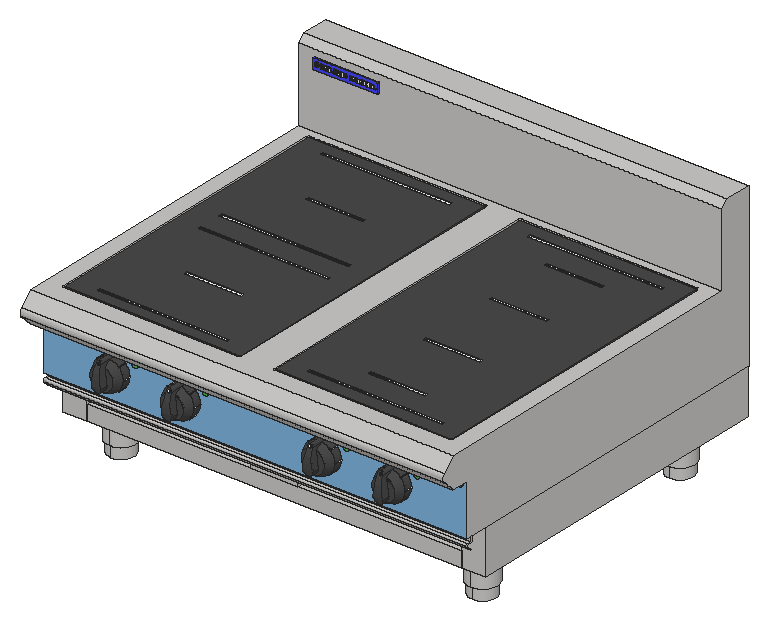
Revit family "QF_Moffat_IN514R3F-B_Induction_Cooktop_cat", category Specialty Equipment, Revit 2019
Family settings
  Round Connector Dimension = Use Diameter
  Part Type = Normal
  Work Plane-Based = No
  Always vertical = Yes
  Cut with Voids When Loaded = No
  Shared = No
  Room Calculation Point = No
Parameters (values of type "IN514R3F-B")
  Weight in Kilograms = 105
  Watts = 9600 W
  Volts = 400 V
  URL Cutsheet = ""
  Specification by User = ""
  Specification by Manufacturer = ""
  Show Logo [instance] = yes
  Serial Number = ""
  Seismic Rating = ""
  SMACNA No = ""
  Revision Code = ""
  Phase = 3
  Number of Poles = 1
  NAFEM Spec ID Number = ""
  Model = "IN514R3F-B"
  Min Ckt Ampacity = 0 A
  Max Overcurrent Protection = 0 A
  Masterspec = ""
  Manufacturer = "Moffat"
  Length = 900 mm
  Item Number = ""
  Installed By = ""
  Identify Quantity as Lot = yes
  Height = 525 mm
  HP = ""
  Furnished By = ""
  Foodservice Equipment Identifier = yes
  FL Amps = 24 A
  Electrical Remarks = ""
  Electric Connection Type = ""
  Elec Conn RI Height = 0 mm
  Elec Conn Connection Height = 0 mm
  Description = "Induction Cooktop"
  Depth = 812.2 mm
  Cycle = 50 Hz
  Conn Plug = ""
  Conn Conduit = yes
  CSI MasterFormat = ""
  Apparent Power = if(Phase = 3, Volts * FL Amps * 1.73, Volts * FL Amps)  # 16608 VA
Reference planes
  plane 1 "BACK": y = 0
  plane 2: z = 0
  plane 3 "LEFT": x = 0
  plane 4 "RIGHT": x = 900
  plane 5 "FRONT": y = -812.2
  plane 6 "TOP": z = 525
  plane 7 "Center Y": x = 450
  plane 8 "Center X": y = -406.1
  plane 9: x = 65.5
  plane 10: x = 834.5
  plane 11: y = -30
  plane 12: x = 770
  plane 13: z = 180
  plane 14: y = -100
  plane 15: y = -625
  plane 16: z = 85
Forms (mm)
  Extrusion 1, solid, material "QF_Metal_Stainless_Polished"
    sketch origin (0, 0, 0) x (0, 1, 0) y (0, 0, 1)
      loop
        line (0, 180) -> (0, 525) -> (-57, 525) -> (-70, 512) -> (-70, 354.5) -> (-784.171, 354.5) -> (-808.685, 329.985)
        arc (-808.685, 329.985) -> (-812.2, 321.5) -> (-808.685, 313.015) r 12
        line (-808.685, 313.015) -> (-785.171, 289.5) -> (-749, 289.5) -> (-749, 180) -> (0, 180)
    from 0 to 900
  Extrusion 2, void
    sketch origin (0, -784.171, 354.5) x (0, 1, 0) y (-1, 0, 0)
      loop
        arc (44.671, -33.5) -> (40.428, -35.257) -> (38.671, -39.5) r 6
        line (38.671, -39.5) -> (38.671, -410.5)
        arc (38.671, -410.5) -> (40.428, -414.743) -> (44.671, -416.5) r 6
        line (44.671, -416.5) -> (690.671, -416.5)
        arc (690.671, -416.5) -> (694.913, -414.743) -> (696.671, -410.5) r 6
        line (696.671, -410.5) -> (696.671, -39.5)
        arc (696.671, -39.5) -> (694.913, -35.257) -> (690.671, -33.5) r 6
        line (690.671, -33.5) -> (44.671, -33.5)
      loop
        arc (44.671, -483.5) -> (40.428, -485.257) -> (38.671, -489.5) r 6
        line (38.671, -489.5) -> (38.671, -860.5)
        arc (38.671, -860.5) -> (40.428, -864.743) -> (44.671, -866.5) r 6
        line (44.671, -866.5) -> (690.671, -866.5)
        arc (690.671, -866.5) -> (694.913, -864.743) -> (696.671, -860.5) r 6
        line (696.671, -860.5) -> (696.671, -489.5)
        arc (696.671, -489.5) -> (694.913, -485.257) -> (690.671, -483.5) r 6
        line (690.671, -483.5) -> (44.671, -483.5)
    from 0 to -9.5
  Extrusion 3, solid, material "QF_Plastic_White_Smooth"
    sketch origin (0, -784.171, 345) x (0, 1, 0) y (-1, 0, 0)
      loop
        line (660.921, -362.5) -> (666.921, -362.5) -> (666.921, -87.5) -> (660.921, -87.5) -> (660.921, -362.5)
      loop
        line (526.421, -285) -> (532.421, -285) -> (532.421, -165) -> (526.421, -165) -> (526.421, -285)
      loop
        line (391.921, -362.5) -> (397.921, -362.5) -> (397.921, -87.5) -> (391.921, -87.5) -> (391.921, -362.5)
      loop
        line (343.421, -87.5) -> (337.421, -87.5) -> (337.421, -362.5) -> (343.421, -362.5) -> (343.421, -87.5)
      loop
        line (208.921, -165) -> (202.921, -165) -> (202.921, -285) -> (208.921, -285) -> (208.921, -165)
      loop
        line (68.421, -362.5) -> (74.421, -362.5) -> (74.421, -87.5) -> (68.421, -87.5) -> (68.421, -362.5)
      loop
        line (657.071, -817.5) -> (663.071, -817.5) -> (663.071, -532.5) -> (657.071, -532.5) -> (657.071, -817.5)
      loop
        line (605.471, -615) -> (599.471, -615) -> (599.471, -735) -> (605.471, -735) -> (605.471, -615)
      loop
        line (458.971, -615) -> (452.971, -615) -> (452.971, -735) -> (458.971, -735) -> (458.971, -615)
      loop
        line (275.971, -735) -> (281.971, -735) -> (281.971, -615) -> (275.971, -615) -> (275.971, -735)
      loop
        line (129.471, -735) -> (135.471, -735) -> (135.471, -615) -> (129.471, -615) -> (129.471, -735)
      loop
        line (71.871, -817.5) -> (77.871, -817.5) -> (77.871, -532.5) -> (71.871, -532.5) -> (71.871, -817.5)
    from 0 to 9.5
  Extrusion 4, solid, material "QF_Plastic_Black_Smooth"
    sketch origin (0, -784.171, 354.5) x (0, 1, 0) y (-1, 0, 0)
      loop
        line (690.671, -37.5) -> (44.671, -37.5)
        arc (44.671, -37.5) -> (43.256, -38.086) -> (42.671, -39.5) r 2
        line (42.671, -39.5) -> (42.671, -410.5)
        arc (42.671, -410.5) -> (43.256, -411.914) -> (44.671, -412.5) r 2
        line (44.671, -412.5) -> (690.671, -412.5)
        arc (690.671, -412.5) -> (692.085, -411.914) -> (692.671, -410.5) r 2
        line (692.671, -410.5) -> (692.671, -39.5)
        arc (692.671, -39.5) -> (692.085, -38.086) -> (690.671, -37.5) r 2
      loop
        line (690.671, -487.5) -> (44.671, -487.5)
        arc (44.671, -487.5) -> (43.256, -488.086) -> (42.671, -489.5) r 2
        line (42.671, -489.5) -> (42.671, -860.5)
        arc (42.671, -860.5) -> (43.256, -861.914) -> (44.671, -862.5) r 2
        line (44.671, -862.5) -> (690.671, -862.5)
        arc (690.671, -862.5) -> (692.085, -861.914) -> (692.671, -860.5) r 2
        line (692.671, -860.5) -> (692.671, -489.5)
        arc (692.671, -489.5) -> (692.085, -488.086) -> (690.671, -487.5) r 2
      loop
        line (68.421, -362.5) -> (74.421, -362.5) -> (74.421, -87.5) -> (68.421, -87.5) -> (68.421, -362.5)
      loop
        line (202.921, -285) -> (208.921, -285) -> (208.921, -165) -> (202.921, -165) -> (202.921, -285)
      loop
        line (337.421, -362.5) -> (343.421, -362.5) -> (343.421, -87.5) -> (337.421, -87.5) -> (337.421, -362.5)
      loop
        line (391.921, -87.5) -> (391.921, -362.5) -> (397.921, -362.5) -> (397.921, -87.5) -> (391.921, -87.5)
      loop
        line (526.421, -165) -> (526.421, -285) -> (532.421, -285) -> (532.421, -165) -> (526.421, -165)
      loop
        line (666.921, -362.5) -> (666.921, -87.5) -> (660.921, -87.5) -> (660.921, -362.5) -> (666.921, -362.5)
      loop
        line (657.071, -532.5) -> (657.071, -817.5) -> (663.071, -817.5) -> (663.071, -532.5) -> (657.071, -532.5)
      loop
        line (605.471, -735) -> (605.471, -615) -> (599.471, -615) -> (599.471, -735) -> (605.471, -735)
      loop
        line (458.971, -735) -> (458.971, -615) -> (452.971, -615) -> (452.971, -735) -> (458.971, -735)
      loop
        line (275.971, -615) -> (275.971, -735) -> (281.971, -735) -> (281.971, -615) -> (275.971, -615)
      loop
        line (129.471, -615) -> (129.471, -735) -> (135.471, -735) -> (135.471, -615) -> (129.471, -615)
      loop
        line (77.871, -817.5) -> (77.871, -532.5) -> (71.871, -532.5) -> (71.871, -817.5) -> (77.871, -817.5)
    from 0 to -9.5
  Extrusion 5, solid, material "QF_Metal_Stainless_Polished"
    sketch origin (0, 0, 40) x (0, 1, 0) y (0, 0, 1)
      loop
        line (-737.8, 140) -> (-737.8, 130) -> (-747.305, 130)
        arc (-747.305, 130) -> (-750.276, 128.015) -> (-749.579, 124.511) r 3.215
        line (-749.579, 124.511) -> (-739.05, 113.982) -> (-737.919, 115.113) -> (-748.447, 125.642)
        arc (-748.447, 125.642) -> (-748.797, 127.403) -> (-747.305, 128.4) r 1.615
        line (-747.305, 128.4) -> (-736.2, 128.4) -> (-736.2, 140) -> (-737.8, 140)
    from 0 to 900
  Extrusion 6, solid, material "QF_Plastic_Black_Smooth"
    sketch origin (0, -749, 181.875) x (0, 0, 1) y (-1, 0, 0)
      loop
        circle (99.343, -13.157) r 5
      loop
        circle (99.343, -886.843) r 5
      loop
        circle (99.343, -150) r 5
      loop
        circle (99.343, -300) r 5
      loop
        circle (99.343, -600) r 5
      loop
        circle (99.343, -750) r 5
    from 0 to 1.6
  Extrusion 7, solid, material "QF_Metal_Stainless_Polished"
    sketch origin (0, -699, 85) x (0, 1, 0) y (1, 0, 0)
      loop
        circle (669, 770) r 6.35
    from 0 to 1.6
  Extrusion 8, solid, material "QF_Metal_Stainless_Polished"
    sketch origin (0, -699, 85) x (1, 0, 0) y (0, -1, 0)
      loop
        line (0, -699) -> (900, -699) -> (900, 0) -> (849.2, 0) -> (849.2, -25.4) -> (50.8, -25.4) -> (50.8, 0) -> (0, 0) -> (0, -699)
    from 0 to -95
  Revolve 9, solid, material "QF_Metal_Stainless_Polished"
    sketch origin (65.5, -4572, -304.8) x (0, 0, -1) y (0, -1, 0)
      loop
        line (-304.8, -4499.5) -> (-304.8, -4472) -> (-389.8, -4472) -> (-389.8, -4503.75) -> (-329.8, -4503.75) -> (-329.8, -4499.5) -> (-304.8, -4499.5)
      axis (-389.8, -4472) -> (-304.8, -4472)
    angle from 0 to 360
  Revolve 10, solid, material "QF_Metal_Stainless_Polished"
    sketch origin (65.5, -4572, -304.8) x (0, 0, -1) y (0, -1, 0)
      loop
        line (-304.8, -3974.5) -> (-304.8, -3947) -> (-389.8, -3947) -> (-389.8, -3978.75) -> (-329.8, -3978.75) -> (-329.8, -3974.5) -> (-304.8, -3974.5)
      axis (-389.8, -3947) -> (-304.8, -3947)
    angle from 0 to 360
  Revolve 11, solid, material "QF_Metal_Stainless_Polished"
    sketch origin (834.5, -4572, -304.8) x (0, 0, -1) y (0, 1, 0)
      loop
        line (-304.8, 4499.5) -> (-329.8, 4499.5) -> (-329.8, 4503.75) -> (-389.8, 4503.75) -> (-389.8, 4472) -> (-304.8, 4472) -> (-304.8, 4499.5)
      axis (-389.8, 4472) -> (-304.8, 4472)
    angle from 0 to 360
  Revolve 12, solid, material "QF_Metal_Stainless_Polished"
    sketch origin (834.5, -4572, -304.8) x (0, 0, -1) y (0, 1, 0)
      loop
        line (-304.8, 3974.5) -> (-329.8, 3974.5) -> (-329.8, 3978.75) -> (-389.8, 3978.75) -> (-389.8, 3947) -> (-304.8, 3947) -> (-304.8, 3974.5)
      axis (-389.8, 3947) -> (-304.8, 3947)
    angle from 0 to 360
  Extrusion 13, solid, material "QF_Paint_Green"
    sketch origin (-87.5, -749, 181.7) x (0, 0, 1) y (-1, 0, 0)
      loop
        circle (84.8, -282.5) r 7.15
    from 0 to 1.6
  Extrusion 14, solid, material "QF_Paint_Green"
    sketch origin (62.5, -749, 181.7) x (0, 0, 1) y (-1, 0, 0)
      loop
        circle (84.8, -282.5) r 7.15
    from 0 to 1.6
  Extrusion 15, solid, material "QF_Paint_Green"
    sketch origin (362.5, -749, 181.7) x (0, 0, 1) y (-1, 0, 0)
      loop
        circle (84.8, -282.5) r 7.15
    from 0 to 1.6
  Extrusion 16, solid, material "QF_Paint_Green"
    sketch origin (512.5, -749, 181.7) x (0, 0, 1) y (-1, 0, 0)
      loop
        circle (84.8, -282.5) r 7.15
    from 0 to 1.6
  Extrusion 17, solid, material "QF_Metal_Stainless_Polished"
    sketch origin (849.2, -673.6, 85) x (-1, 0, 0) y (0, 0, -1)
      loop
        line (798.4, -32.7) -> (798.4, 0) -> (0, 0) -> (0, -32.7) -> (798.4, -32.7)
      loop
        line (798.4, -42.7) -> (450, -42.7) -> (450, -66.4) -> (798.4, -66.4) -> (798.4, -42.7)
      loop
        line (0, -67.4) -> (0, -95) -> (798.4, -95) -> (798.4, -67.4) -> (0, -67.4)
      loop
        line (348.4, -42.7) -> (0, -42.7) -> (0, -66.4) -> (348.4, -66.4) -> (348.4, -42.7)
    from 0 to 25.4
  Extrusion 18, solid, material "QF_Metal_Stainless_Polished"
    sketch origin (849.2, -673.6, 85) x (1, 0, 0) y (0, 0, -1)
      loop
        line (-450, -67.4) -> (-348.4, -67.4) -> (-348.4, -32.7) -> (-450, -32.7) -> (-450, -67.4)
    from 0 to -25.4
Cuts and joins
  Extrusion 2 cuts Extrusion 1
Lines and regions (mm)
  symbolic lines
    curve 1: line (0, 0, 0) -> (900, 0, 0)
    curve 2: line (0, -812.2, 0) -> (0, 0, 0)
    curve 3: line (900, -812.2, 0) -> (0, -812.2, 0)
    curve 4: line (900, 0, 0) -> (900, -812.2, 0)
    curve 5: line (0, -784.171, 0) -> (900, -784.171, 0)
    curve 6: line (0, -57, 0) -> (900, -57, 0)
    curve 7: line (0, -70, 0) -> (900, -70, 0)
    curve 8: line (39.5, -87.5, 0) -> (410.5, -87.5, 0)
    curve 9: arc (410.5, -87.5, 0) -> (414.743, -89.257, 0) -> (416.5, -93.5, 0) r 6
    curve 10: line (416.5, -93.5, 0) -> (416.5, -739.5, 0)
    curve 11: arc (416.5, -739.5, 0) -> (414.743, -743.743, 0) -> (410.5, -745.5, 0) r 6
    curve 12: line (410.5, -745.5, 0) -> (39.5, -745.5, 0)
    curve 13: arc (39.5, -745.5, 0) -> (35.257, -743.743, 0) -> (33.5, -739.5, 0) r 6
    curve 14: line (33.5, -739.5, 0) -> (33.5, -93.5, 0)
    curve 15: arc (33.5, -93.5, 0) -> (35.257, -89.257, 0) -> (39.5, -87.5, 0) r 6
    curve 16: line (410.5, -91.5, 0) -> (39.5, -91.5, 0)
    curve 17: arc (39.5, -91.5, 0) -> (38.086, -92.086, 0) -> (37.5, -93.5, 0) r 2
    curve 18: line (37.5, -93.5, 0) -> (37.5, -739.5, 0)
    curve 19: arc (37.5, -739.5, 0) -> (38.086, -740.914, 0) -> (39.5, -741.5, 0) r 2
    curve 20: line (39.5, -741.5, 0) -> (410.5, -741.5, 0)
    curve 21: arc (410.5, -741.5, 0) -> (411.914, -740.914, 0) -> (412.5, -739.5, 0) r 2
    curve 22: line (412.5, -739.5, 0) -> (412.5, -93.5, 0)
    curve 23: arc (412.5, -93.5, 0) -> (411.914, -92.086, 0) -> (410.5, -91.5, 0) r 2
    curve 24: line (87.5, -117.25, 0) -> (362.5, -117.25, 0)
    curve 25: line (362.5, -117.25, 0) -> (362.5, -123.25, 0)
    curve 26: line (362.5, -123.25, 0) -> (87.5, -123.25, 0)
    curve 27: line (87.5, -123.25, 0) -> (87.5, -117.25, 0)
    curve 28: line (165, -251.75, 0) -> (285, -251.75, 0)
    curve 29: line (285, -251.75, 0) -> (285, -257.75, 0)
    curve 30: line (285, -257.75, 0) -> (165, -257.75, 0)
    curve 31: line (165, -257.75, 0) -> (165, -251.75, 0)
    curve 32: line (362.5, -392.25, 0) -> (87.5, -392.25, 0)
    curve 33: line (87.5, -392.25, 0) -> (87.5, -386.25, 0)
    curve 34: line (87.5, -386.25, 0) -> (362.5, -386.25, 0)
    curve 35: line (362.5, -386.25, 0) -> (362.5, -392.25, 0)
    curve 36: line (87.5, -440.75, 0) -> (362.5, -440.75, 0)
    curve 37: line (362.5, -440.75, 0) -> (362.5, -446.75, 0)
    curve 38: line (362.5, -446.75, 0) -> (87.5, -446.75, 0)
    curve 39: line (87.5, -446.75, 0) -> (87.5, -440.75, 0)
    curve 40: line (285, -581.25, 0) -> (165, -581.25, 0)
    curve 41: line (165, -581.25, 0) -> (165, -575.25, 0)
    curve 42: line (165, -575.25, 0) -> (285, -575.25, 0)
    curve 43: line (285, -575.25, 0) -> (285, -581.25, 0)
    curve 44: line (87.5, -709.75, 0) -> (362.5, -709.75, 0)
    curve 45: line (362.5, -709.75, 0) -> (362.5, -715.75, 0)
    curve 46: line (362.5, -715.75, 0) -> (87.5, -715.75, 0)
    curve 47: line (87.5, -715.75, 0) -> (87.5, -709.75, 0)
    curve 48: line (860.5, -745.5, 0) -> (489.5, -745.5, 0)
    curve 49: arc (489.5, -745.5, 0) -> (485.257, -743.743, 0) -> (483.5, -739.5, 0) r 6
    curve 50: line (483.5, -739.5, 0) -> (483.5, -93.5, 0)
    curve 51: arc (483.5, -93.5, 0) -> (485.257, -89.257, 0) -> (489.5, -87.5, 0) r 6
    curve 52: line (489.5, -87.5, 0) -> (860.5, -87.5, 0)
    curve 53: arc (860.5, -87.5, 0) -> (864.743, -89.257, 0) -> (866.5, -93.5, 0) r 6
    curve 54: line (866.5, -93.5, 0) -> (866.5, -739.5, 0)
    curve 55: arc (866.5, -739.5, 0) -> (864.743, -743.743, 0) -> (860.5, -745.5, 0) r 6
    curve 56: line (489.5, -741.5, 0) -> (860.5, -741.5, 0)
    curve 57: arc (860.5, -741.5, 0) -> (861.914, -740.914, 0) -> (862.5, -739.5, 0) r 2
    curve 58: line (862.5, -739.5, 0) -> (862.5, -93.5, 0)
    curve 59: arc (862.5, -93.5, 0) -> (861.914, -92.086, 0) -> (860.5, -91.5, 0) r 2
    curve 60: line (860.5, -91.5, 0) -> (489.5, -91.5, 0)
    curve 61: arc (489.5, -91.5, 0) -> (488.086, -92.086, 0) -> (487.5, -93.5, 0) r 2
    curve 62: line (487.5, -93.5, 0) -> (487.5, -739.5, 0)
    curve 63: arc (487.5, -739.5, 0) -> (488.086, -740.914, 0) -> (489.5, -741.5, 0) r 2
    curve 64: line (817.5, -712.3, 0) -> (532.5, -712.3, 0)
    curve 65: line (532.5, -712.3, 0) -> (532.5, -706.3, 0)
    curve 66: line (532.5, -706.3, 0) -> (817.5, -706.3, 0)
    curve 67: line (817.5, -706.3, 0) -> (817.5, -712.3, 0)
    curve 68: line (735, -654.7, 0) -> (615, -654.7, 0)
    curve 69: line (615, -654.7, 0) -> (615, -648.7, 0)
    curve 70: line (615, -648.7, 0) -> (735, -648.7, 0)
    curve 71: line (735, -648.7, 0) -> (735, -654.7, 0)
    curve 72: line (735, -508.2, 0) -> (615, -508.2, 0)
    curve 73: line (615, -508.2, 0) -> (615, -502.2, 0)
    curve 74: line (615, -502.2, 0) -> (735, -502.2, 0)
    curve 75: line (735, -502.2, 0) -> (735, -508.2, 0)
    curve 76: line (735, -331.2, 0) -> (615, -331.2, 0)
    curve 77: line (615, -331.2, 0) -> (615, -325.2, 0)
    curve 78: line (615, -325.2, 0) -> (735, -325.2, 0)
    curve 79: line (735, -325.2, 0) -> (735, -331.2, 0)
    curve 80: line (735, -184.7, 0) -> (615, -184.7, 0)
    curve 81: line (615, -184.7, 0) -> (615, -178.7, 0)
    curve 82: line (615, -178.7, 0) -> (735, -178.7, 0)
    curve 83: line (735, -178.7, 0) -> (735, -184.7, 0)
    curve 84: line (817.5, -127.1, 0) -> (532.5, -127.1, 0)
    curve 85: line (532.5, -127.1, 0) -> (532.5, -121.1, 0)
    curve 86: line (532.5, -121.1, 0) -> (817.5, -121.1, 0)
    curve 87: line (817.5, -121.1, 0) -> (817.5, -127.1, 0)
Dimensions and locks
  equal spacing: plane 3 "LEFT", plane 7 "Center Y", plane 4 "RIGHT"
  "Length": plane 3 "LEFT" to plane 4 "RIGHT"
  equal spacing: plane 5 "FRONT", plane 8 "Center X", plane 1 "BACK"
  "Depth": plane 5 "FRONT" to plane 1 "BACK"
  "Height": plane 6 "TOP" to level
  plane 9 to plane 10 = 769 mm
  plane 4 "RIGHT" to plane 3 "LEFT" = 900 mm
  plane 1 "BACK" to cut or joined group of Extrusion 1, Extrusion 2 = 70 mm
  plane 1 "BACK" to plane 5 "FRONT" = 812.2 mm
  plane 6 "TOP" to plane 2 = 525 mm
  cut or joined group of Extrusion 1, Extrusion 2 to plane 2 = 354.5 mm
  locked: plane 12 to plane 4 "RIGHT" at 130
  plane 1 "BACK" to plane 11 = 30 mm
  plane 1 "BACK" to plane 14 to plane 15 = 100 mm, 525 mm
  plane 16 to plane 2 = 85 mm
  aligned and locked: level to plane 2
Automatic sketch dimensions
  Extrusion 1 sketch curve to plane 6 "TOP" = 0 mm
  Extrusion 1 sketch curve to plane 1 "BACK" = 0 mm
  plane 11 to Extrusion 1 sketch curve = 27 mm
  Extrusion 1 sketch curve to plane 6 "TOP" = 13 mm
  Extrusion 1 sketch curve to Extrusion 1 sketch curve = 13 mm
  Extrusion 1 sketch curve to plane 5 "FRONT" = 63.2 mm
  Extrusion 1 sketch curve to plane 5 "FRONT" = 28.029 mm
  Extrusion 1 sketch curve to plane 5 "FRONT" = 27.029 mm
  Extrusion 1 sketch curve to plane 5 "FRONT" = 12 mm
  Extrusion 1 sketch curve to plane 5 "FRONT" = 3.515 mm  (x2)
  Extrusion 1 sketch curve to plane 6 "TOP" = 170.5 mm
  Extrusion 1 sketch curve to Extrusion 1 sketch curve = 24.515 mm
  Extrusion 1 sketch curve to Extrusion 1 sketch curve = 8.485 mm
  Extrusion 1 sketch curve to Extrusion 1 sketch curve = 32 mm
  Extrusion 1 sketch curve to plane 13 = 0 mm
  Extrusion 5 sketch curve to Extrusion 5 sketch curve = 0 mm  (x2)
  plane 13 to Extrusion 5 sketch curve = 15.489 mm
  Extrusion 5 sketch curve to plane 5 "FRONT" = 62.621 mm
  plane 13 to Extrusion 5 sketch curve = 14.358 mm
  Extrusion 5 sketch curve to Extrusion 5 sketch curve = 1.131 mm
  Extrusion 5 sketch curve to Extrusion 5 sketch curve = 1.142 mm  (x2)
  plane 13 to Extrusion 5 sketch curve = 26.018 mm
  Extrusion 5 sketch curve to Extrusion 5 sketch curve = 10.529 mm
  Extrusion 5 sketch curve to Extrusion 5 sketch curve = 9.505 mm
  Extrusion 5 sketch curve to plane 13 = 0 mm
  Extrusion 5 sketch curve to Extrusion 5 sketch curve = 1.6 mm
  Extrusion 8 to Extrusion 7 sketch curve = 30 mm
  Extrusion 7 sketch curve to Extrusion 8 = 79.2 mm
  plane 1 "BACK" to Extrusion 8 sketch curve = 0 mm
  Extrusion 8 sketch curve to plane 3 "LEFT" = 0 mm
  Extrusion 8 sketch curve to plane 4 "RIGHT" = 0 mm
  plane 9 to Extrusion 8 sketch curve = 14.7 mm
  Extrusion 8 sketch curve to plane 10 = 14.7 mm
  plane 15 to Extrusion 8 sketch curve = 48.6 mm
  Extrusion 8 sketch curve to Extrusion 8 sketch curve = 25.4 mm  (x2)
  Revolve 9 sketch curve to plane 14 = 0 mm  (x2)
  Revolve 9 sketch curve to plane 16 = 0 mm
  Revolve 9 sketch curve to level = 0 mm  (x2)
  level to Revolve 9 sketch curve = 25 mm
  Revolve 9 sketch curve to plane 14 = 27.5 mm
  Revolve 9 sketch curve to plane 14 = 31.75 mm
  Revolve 9 sketch curve to Revolve 9 sketch curve = 25 mm
  Revolve 10 sketch curve to plane 15 = 0 mm  (x2)
  Revolve 10 sketch curve to plane 16 = 0 mm
  Revolve 10 sketch curve to level = 0 mm  (x2)
  level to Revolve 10 sketch curve = 25 mm
  Revolve 10 sketch curve to plane 15 = 27.5 mm
  Revolve 10 sketch curve to plane 15 = 31.75 mm
  Revolve 10 sketch curve to Revolve 10 sketch curve = 25 mm
  Revolve 11 sketch curve to plane 14 = 0 mm  (x2)
  Revolve 11 sketch curve to plane 16 = 0 mm
  Revolve 11 sketch curve to level = 0 mm  (x2)
  level to Revolve 11 sketch curve = 25 mm
  Revolve 11 sketch curve to plane 14 = 27.5 mm
  Revolve 11 sketch curve to Revolve 11 sketch curve = 4.25 mm
  Revolve 11 sketch curve to Revolve 11 sketch curve = 25 mm
  Revolve 12 sketch curve to plane 15 = 0 mm  (x2)
  Revolve 12 sketch curve to plane 16 = 0 mm
  Revolve 12 sketch curve to level = 0 mm  (x2)
  level to Revolve 12 sketch curve = 25 mm
  Revolve 12 sketch curve to plane 15 = 27.5 mm
  Revolve 12 sketch curve to Revolve 12 sketch curve = 4.25 mm
  Revolve 12 sketch curve to Revolve 12 sketch curve = 25 mm
  Extrusion 1 to Extrusion 13 sketch curve = 23 mm
  Extrusion 1 to Extrusion 13 sketch curve = 195 mm
  Extrusion 1 to Extrusion 14 sketch curve = 23 mm
  Extrusion 1 to Extrusion 14 sketch curve = 345 mm
  Extrusion 1 to Extrusion 15 sketch curve = 23 mm
  Extrusion 1 to Extrusion 15 sketch curve = 255 mm
  Extrusion 1 to Extrusion 16 sketch curve = 23 mm
  Extrusion 1 to Extrusion 16 sketch curve = 105 mm
  Extrusion 17 sketch curve to Extrusion 8 = 0 mm  (x8)
  Extrusion 8 to Extrusion 17 sketch curve = 42.7 mm
  Extrusion 17 sketch curve to Extrusion 8 = 348.4 mm
  Extrusion 8 to Extrusion 17 sketch curve = 28.6 mm
  Extrusion 17 sketch curve to Extrusion 17 sketch curve = 101.6 mm
  Extrusion 17 sketch curve to Extrusion 17 sketch curve = 24.7 mm
  Extrusion 17 sketch curve to Extrusion 17 sketch curve = 23.7 mm  (x2)
  Extrusion 17 sketch curve to Extrusion 17 sketch curve = 10 mm
  Extrusion 18 sketch curve to Extrusion 17 = 0 mm  (x3)
  Extrusion 17 to Extrusion 18 sketch curve = 0 mm
  Extrusion 2 sketch curve to Extrusion 1 = 38.671 mm  (x2)
  Extrusion 2 sketch curve to Extrusion 2 sketch curve = 6 mm  (x6)
  Extrusion 1 to Extrusion 2 sketch curve = 23.5 mm  (x4)
  Extrusion 1 to Extrusion 2 sketch curve = 416.5 mm
  Extrusion 1 to Extrusion 2 sketch curve = 39.5 mm  (x2)
  Extrusion 2 sketch curve to Extrusion 2 sketch curve = 67 mm
  Extrusion 4 sketch curve to Extrusion 1 = 42.671 mm  (x2)
  Extrusion 4 sketch curve to Extrusion 4 sketch curve = 2 mm  (x6)
  Extrusion 1 to Extrusion 4 sketch curve = 23.5 mm  (x4)
  Extrusion 1 to Extrusion 4 sketch curve = 412.5 mm
  Extrusion 1 to Extrusion 4 sketch curve = 39.5 mm  (x2)
  Extrusion 4 sketch curve to Extrusion 4 sketch curve = 75 mm
  Extrusion 4 sketch curve to Extrusion 4 sketch curve = 23.75 mm
  Extrusion 4 sketch curve to Extrusion 4 sketch curve = 6 mm  (x12)
  Extrusion 4 sketch curve to Extrusion 4 sketch curve = 48 mm  (x4)
  Extrusion 4 sketch curve to Extrusion 4 sketch curve = 128.5 mm  (x3)
  Extrusion 4 sketch curve to Extrusion 4 sketch curve = 77.5 mm  (x3)
  Extrusion 4 sketch curve to Extrusion 4 sketch curve = 120 mm  (x5)
  Extrusion 1 to Extrusion 4 sketch curve = 87.5 mm
  Extrusion 4 sketch curve to Extrusion 4 sketch curve = 48.5 mm
  Extrusion 4 sketch curve to Extrusion 4 sketch curve = 0 mm  (x4)
  Extrusion 1 to Extrusion 4 sketch curve = 53.25 mm
  Extrusion 3 sketch curve to Extrusion 2 = 29.75 mm
  Extrusion 3 sketch curve to Extrusion 3 sketch curve = 6 mm  (x12)
  Extrusion 3 sketch curve to Extrusion 3 sketch curve = 128.5 mm  (x3)
  Extrusion 3 sketch curve to Extrusion 2 = 54 mm  (x6)
  Extrusion 3 sketch curve to Extrusion 3 sketch curve = 48.5 mm
  Extrusion 3 sketch curve to Extrusion 2 = 35.75 mm
  Extrusion 3 sketch curve to Extrusion 3 sketch curve = 0 mm  (x2)
  Extrusion 3 sketch curve to Extrusion 2 = 131.5 mm  (x5)
  Extrusion 3 sketch curve to Extrusion 3 sketch curve = 120 mm  (x5)
  Extrusion 1 to Extrusion 6 sketch curve = 8.282 mm  (x6)
  Extrusion 1 to Extrusion 6 sketch curve = 13.157 mm  (x2)
  Extrusion 6 sketch curve to Extrusion 6 sketch curve = 136.843 mm
  Extrusion 6 sketch curve to Extrusion 6 sketch curve = 150 mm
  Extrusion 1 to Extrusion 6 sketch curve = 300 mm
  Extrusion 1 to Extrusion 6 sketch curve = 150 mm
  Extrusion 4 sketch curve to Extrusion 4 sketch curve = 33.6 mm
  Extrusion 4 sketch curve to Extrusion 4 sketch curve = 43 mm  (x4)
  Extrusion 4 sketch curve to Extrusion 4 sketch curve = 57.6 mm
  Extrusion 4 sketch curve to Extrusion 4 sketch curve = 82.5 mm  (x2)
  Extrusion 4 sketch curve to Extrusion 4 sketch curve = 146.5 mm
  Extrusion 4 sketch curve to Extrusion 4 sketch curve = 177 mm
  Extrusion 1 to Extrusion 4 sketch curve = 165 mm
  Extrusion 4 sketch curve to Extrusion 1 = 129.471 mm
  Extrusion 4 sketch curve to Extrusion 4 sketch curve = 27.2 mm
  Extrusion 3 sketch curve to Extrusion 2 = 39.6 mm
  Extrusion 3 sketch curve to Extrusion 2 = 49 mm  (x4)
  Extrusion 3 sketch curve to Extrusion 2 = 97.2 mm
  Extrusion 3 sketch curve to Extrusion 3 sketch curve = 82.5 mm  (x2)
  Extrusion 3 sketch curve to Extrusion 3 sketch curve = 146.5 mm
  Extrusion 3 sketch curve to Extrusion 3 sketch curve = 177 mm
  Extrusion 3 sketch curve to Extrusion 2 = 90.8 mm
  Extrusion 3 sketch curve to Extrusion 2 = 33.2 mm
  curve 3 to plane 3 "LEFT" = 0 mm
  curve 3 to plane 4 "RIGHT" = 0 mm
  plane 5 "FRONT" to curve 3 = 0 mm
  plane 1 "BACK" to curve 2 = 0 mm
  curve 5 to plane 5 "FRONT" = 28.029 mm
  plane 11 to curve 6 = 27 mm
  curve 7 to curve 6 = 13 mm
  curve 14 to plane 14 = 6.5 mm
  plane 9 to curve 14 = 32 mm
  curve 14 to curve 15 = 6 mm
  curve 13 to curve 13 = 6 mm
  curve 9 to plane 14 = 6.5 mm
  curve 9 to plane 7 "Center Y" = 39.5 mm
  curve 12 to curve 10 = 6 mm
  curve 12 to plane 5 "FRONT" = 66.7 mm
  curve 9 to curve 23 = 0 mm  (x2)
  curve 11 to curve 21 = 0 mm  (x2)
  curve 13 to curve 19 = 0 mm  (x2)
  curve 15 to curve 17 = 0 mm
  curve 18 to curve 15 = 2 mm
  curve 27 to plane 9 = 22 mm
  plane 14 to curve 26 = 23.25 mm
  curve 26 to curve 23 = 48 mm
  curve 26 to curve 24 = 6 mm
  curve 30 to plane 9 = 99.5 mm
  curve 30 to curve 30 = 120 mm
  plane 8 "Center X" to curve 30 = 148.35 mm
  curve 30 to curve 31 = 6 mm
  curve 33 to plane 9 = 22 mm
  plane 8 "Center X" to curve 35 = 19.85 mm
  curve 35 to plane 7 "Center Y" = 87.5 mm
  curve 33 to curve 33 = 6 mm
  curve 39 to plane 9 = 22 mm
  curve 36 to curve 32 = 0 mm
  curve 39 to plane 8 "Center X" = 40.65 mm
  curve 37 to curve 37 = 6 mm
  curve 41 to plane 15 = 43.75 mm
  curve 41 to plane 9 = 99.5 mm
  curve 40 to curve 43 = 120 mm
  curve 40 to curve 41 = 6 mm
  curve 47 to plane 9 = 22 mm
  curve 44 to curve 21 = 48 mm
  curve 19 to curve 47 = 23.75 mm
  curve 45 to curve 45 = 6 mm
  curve 50 to plane 14 = 6.5 mm
  plane 7 "Center Y" to curve 50 = 33.5 mm
  curve 50 to curve 52 = 6 mm
  curve 49 to curve 49 = 6 mm
  curve 48 to plane 10 = 26 mm
  curve 53 to plane 14 = 6.5 mm
  curve 53 to plane 10 = 26 mm
  curve 48 to plane 5 "FRONT" = 66.7 mm
  curve 49 to curve 63 = 0 mm  (x2)
  curve 51 to curve 61 = 0 mm  (x2)
  curve 53 to curve 59 = 0 mm  (x2)
  curve 55 to curve 57 = 0 mm
  curve 62 to curve 51 = 2 mm
  curve 63 to curve 65 = 43 mm
  plane 10 to curve 66 = 17 mm
  curve 57 to curve 64 = 27.2 mm
  curve 64 to curve 67 = 6 mm
  plane 15 to curve 70 = 23.7 mm
  curve 65 to curve 70 = 82.5 mm
  plane 12 to curve 70 = 35 mm
  curve 69 to curve 69 = 6 mm
  curve 73 to curve 69 = 0 mm
  plane 12 to curve 72 = 35 mm
  curve 72 to plane 8 "Center X" = 102.1 mm
  curve 72 to curve 74 = 6 mm
  plane 12 to curve 77 = 155 mm
  plane 12 to curve 76 = 35 mm
  plane 8 "Center X" to curve 76 = 74.9 mm
  curve 76 to curve 78 = 6 mm
  curve 82 to curve 77 = 0 mm
  plane 12 to curve 80 = 35 mm
  plane 14 to curve 80 = 84.7 mm
  curve 80 to curve 82 = 6 mm
  plane 14 to curve 85 = 21.1 mm
  curve 61 to curve 85 = 43 mm
  plane 10 to curve 84 = 17 mm
  curve 84 to curve 85 = 6 mm
  radius of Extrusion 7 sketch curve = 6.35 mm
  radius of Extrusion 13 sketch curve = 7.15 mm
  radius of Extrusion 14 sketch curve = 7.15 mm
  radius of Extrusion 15 sketch curve = 7.15 mm
  radius of Extrusion 16 sketch curve = 7.15 mm
  radius of Extrusion 6 sketch curve = 5 mm  (x6)
Nested families
  nested 1: "QF_LOGO_BLue Seal" at (32, -70, 474.385), visible <- "Show Logo", type "QF_LOGO_BLue Seal"
  nested 2: "Knob" at (117.5, -739.5, 204.5), type "Knob"
  nested 3: "Knob" at (267.5, -739.5, 204.5), type "Knob"
  nested 4: "Knob" at (567.5, -739.5, 204.5), type "Knob"
  nested 5: "Knob" at (717.5, -739.5, 204.5), type "Knob"
Connectors
  electrical at (770, -30, 83.4), driven by "Volts", driven by "Watts"
    settings: on Extrusion 7, index 1, voltage 400 V, apparent load 9600 VA, apparent load phase1 0 VA, apparent load phase2 0 VA, apparent load phase3 0 VA, power factor 1, load classification "Other", number of poles 1, system type 30, power factor state 1, is connector primary yes, connector utility no, sub classification motor no, connector description "Electrical Connection"
Definition of nested family "QF_LOGO_BLue Seal"
  Parameters (values of type "QF_LOGO_BLue Seal")
    Weight in Pounds = 0
    URL Cutsheet = ""
    Specification by User = ""
    Specification by Manufacturer = ""
    Serial Number = ""
    Seismic Rating = ""
    SMACNA No = ""
    Revision Code = ""
    NAFEM Spec ID Number = ""
    Masterspec = ""
    Length = 138 mm
    Item Number = ""
    Installed By = ""
    Identify Quantity as Lot = yes
    Height = 23 mm
    Furnished By = ""
    Foodservice Equipment Identifier = yes
    Depth = 3.175 mm
    CSI MasterFormat = ""
  Reference planes
    plane 1 "BACK": y = 0
    plane 2: z = 0
    plane 3 "LEFT": x = 0
    plane 4 "RIGHT": x = 138
    plane 5 "FRONT": y = -3.175
    plane 6 "TOP": z = 23
    plane 7 "Center Y": x = 69
    plane 8 "Center X": y = -1.587
  Forms (mm)
    Extrusion 1, solid
      sketch origin (0, 0, 0) x (1, 0, 0) y (0, 0, 1)
        loop
          arc (2, 23) -> (0.586, 22.414) -> (0, 21) r 2
          line (0, 21) -> (0, 2)
          arc (0, 2) -> (0.586, 0.586) -> (2, 0) r 2
          line (2, 0) -> (136, 0)
          arc (136, 0) -> (137.414, 0.586) -> (138, 2) r 2
          line (138, 2) -> (138, 21)
          arc (138, 21) -> (137.414, 22.414) -> (136, 23) r 2
          line (136, 23) -> (2, 23)
        loop
          arc (16.625, 15.317) -> (15.943, 15.034) -> (15.66, 14.352) r 0.965
          line (15.66, 14.352) -> (15.66, 8.169)
          arc (15.66, 8.169) -> (15.953, 7.461) -> (16.66, 7.169) r 1
          line (16.66, 7.169) -> (27.958, 7.169)
          arc (27.958, 7.169) -> (29.995, 9.206) -> (27.958, 11.243) r 2.037
          arc (27.958, 11.243) -> (29.995, 13.28) -> (27.958, 15.317) r 2.037
          line (27.958, 15.317) -> (16.625, 15.317)
        loop
          line (21.163, 13.835) -> (21.163, 12.291) -> (23.596, 12.291)
          arc (23.596, 12.291) -> (24.368, 13.063) -> (23.596, 13.835) r 0.772
          line (23.596, 13.835) -> (21.163, 13.835)
        loop
          line (21.163, 8.544) -> (23.596, 8.544)
          arc (23.596, 8.544) -> (24.368, 9.316) -> (23.596, 10.089) r 0.772
          line (23.596, 10.089) -> (21.163, 10.089) -> (21.163, 8.544)
        loop
          arc (32.475, 15.317) -> (31.768, 15.024) -> (31.475, 14.317) r 1
          line (31.475, 14.317) -> (31.475, 8.169)
          arc (31.475, 8.169) -> (31.768, 7.461) -> (32.475, 7.169) r 1
          line (32.475, 7.169) -> (41.849, 7.169)
          arc (41.849, 7.169) -> (42.859, 8.178) -> (41.849, 9.188) r 1.01
          line (41.849, 9.188) -> (37.262, 9.188) -> (37.262, 14.317)
          arc (37.262, 14.317) -> (36.969, 15.024) -> (36.262, 15.317) r 1
          line (36.262, 15.317) -> (32.475, 15.317)
        loop
          arc (44.648, 15.317) -> (43.941, 15.024) -> (43.648, 14.317) r 1
          line (43.648, 14.317) -> (43.648, 9.124)
          arc (43.648, 9.124) -> (44.221, 7.741) -> (45.604, 7.169) r 1.956
          line (45.604, 7.169) -> (55.306, 7.169)
          arc (55.306, 7.169) -> (56.749, 7.766) -> (57.347, 9.209) r 2.04
          line (57.347, 9.209) -> (57.347, 14.358)
          arc (57.347, 14.358) -> (57.066, 15.036) -> (56.388, 15.317) r 0.959
          line (56.388, 15.317) -> (52.676, 15.317)
          arc (52.676, 15.317) -> (51.968, 15.024) -> (51.676, 14.317) r 1
          line (51.676, 14.317) -> (51.676, 10.17)
          arc (51.676, 10.17) -> (50.529, 9.024) -> (49.383, 10.17) r 1.146
          line (49.383, 10.17) -> (49.383, 14.317)
          arc (49.383, 14.317) -> (49.09, 15.024) -> (48.383, 15.317) r 1
          line (48.383, 15.317) -> (44.648, 15.317)
        loop
          arc (60.035, 15.317) -> (59.328, 15.024) -> (59.035, 14.317) r 1
          line (59.035, 14.317) -> (59.035, 8.169)
          arc (59.035, 8.169) -> (59.328, 7.461) -> (60.035, 7.169) r 1
          line (60.035, 7.169) -> (69.845, 7.169)
          arc (69.845, 7.169) -> (70.828, 8.152) -> (69.845, 9.135) r 0.983
          line (69.845, 9.135) -> (65.06, 9.135) -> (65.06, 10.415) -> (69.988, 10.415)
          arc (69.988, 10.415) -> (70.828, 11.255) -> (69.988, 12.095) r 0.84
          line (69.988, 12.095) -> (65.06, 12.095) -> (65.06, 13.215) -> (69.777, 13.215)
          arc (69.777, 13.215) -> (70.828, 14.266) -> (69.777, 15.317) r 1.051
          line (69.777, 15.317) -> (60.035, 15.317)
        loop
          line (77.315, 14.317) -> (77.315, 11.634)
          arc (77.315, 11.634) -> (77.608, 10.927) -> (78.315, 10.634) r 1
          line (78.315, 10.634) -> (85.957, 10.634) -> (85.957, 8.756) -> (82.871, 8.756) -> (82.871, 9.708) -> (77.315, 9.708) -> (77.315, 8.169)
          arc (77.315, 8.169) -> (77.608, 7.461) -> (78.315, 7.169) r 1
          line (78.315, 7.169) -> (90.614, 7.169)
          arc (90.614, 7.169) -> (91.321, 7.461) -> (91.614, 8.169) r 1
          line (91.614, 8.169) -> (91.614, 11.073)
          arc (91.614, 11.073) -> (91.322, 11.778) -> (90.617, 12.07) r 0.996
          line (90.617, 12.07) -> (82.871, 12.07) -> (82.871, 13.786) -> (85.957, 13.786) -> (85.957, 12.856) -> (91.614, 12.856) -> (91.614, 14.317)
          arc (91.614, 14.317) -> (91.321, 15.024) -> (90.614, 15.317) r 1
          line (90.614, 15.317) -> (78.315, 15.317)
          arc (78.315, 15.317) -> (77.608, 15.024) -> (77.315, 14.317) r 1
        loop
          arc (107.404, 15.317) -> (106.697, 15.024) -> (106.404, 14.317) r 1
          line (106.404, 14.317) -> (106.404, 8.169)
          arc (106.404, 8.169) -> (106.697, 7.461) -> (107.404, 7.169) r 1
          line (107.404, 7.169) -> (111.34, 7.169)
          arc (111.34, 7.169) -> (112.047, 7.461) -> (112.34, 8.169) r 1
          line (112.34, 8.169) -> (112.34, 9.135) -> (115.1, 9.135) -> (115.1, 8.169)
          arc (115.1, 8.169) -> (115.393, 7.461) -> (116.1, 7.169) r 1
          line (116.1, 7.169) -> (119.975, 7.169)
          arc (119.975, 7.169) -> (120.682, 7.461) -> (120.975, 8.169) r 1
          line (120.975, 8.169) -> (120.975, 14.317)
          arc (120.975, 14.317) -> (120.682, 15.024) -> (119.975, 15.317) r 1
          line (119.975, 15.317) -> (107.404, 15.317)
        loop
          arc (94.016, 15.317) -> (93.309, 15.024) -> (93.016, 14.317) r 1
          line (93.016, 14.317) -> (93.016, 8.169)
          arc (93.016, 8.169) -> (93.309, 7.461) -> (94.016, 7.169) r 1
          line (94.016, 7.169) -> (103.826, 7.169)
          arc (103.826, 7.169) -> (104.809, 8.152) -> (103.826, 9.135) r 0.983
          line (103.826, 9.135) -> (99.041, 9.135) -> (99.041, 10.415) -> (103.969, 10.415)
          arc (103.969, 10.415) -> (104.809, 11.255) -> (103.969, 12.095) r 0.84
          line (103.969, 12.095) -> (99.041, 12.095) -> (99.041, 13.215) -> (103.759, 13.215)
          arc (103.759, 13.215) -> (104.809, 14.266) -> (103.759, 15.317) r 1.051
          line (103.759, 15.317) -> (94.016, 15.317)
        loop
          line (112.34, 11.583) -> (115.1, 11.583) -> (115.1, 12.915)
          arc (115.1, 12.915) -> (114.954, 13.268) -> (114.6, 13.415) r 0.5
          line (114.6, 13.415) -> (112.84, 13.415)
          arc (112.84, 13.415) -> (112.487, 13.268) -> (112.34, 12.915) r 0.5
          line (112.34, 12.915) -> (112.34, 11.583)
        loop
          arc (123.692, 15.317) -> (122.985, 15.024) -> (122.692, 14.317) r 1
          line (122.692, 14.317) -> (122.692, 8.169)
          arc (122.692, 8.169) -> (122.985, 7.461) -> (123.692, 7.169) r 1
          line (123.692, 7.169) -> (133.067, 7.169)
          arc (133.067, 7.169) -> (134.076, 8.178) -> (133.067, 9.188) r 1.01
          line (133.067, 9.188) -> (128.479, 9.188) -> (128.479, 14.317)
          arc (128.479, 14.317) -> (128.186, 15.024) -> (127.479, 15.317) r 1
          line (127.479, 15.317) -> (123.692, 15.317)
        loop
          circle (8.135, 11.2) r 4.581
      from 0 to 3.2
    Extrusion 2, solid
      sketch origin (0, 0, 0) x (1, 0, 0) y (0, 0, 1)
        loop
          circle (8.135, 11.2) r 4.581
        loop
          line (8.289, 15.169) -> (8.289, 7.231)
          arc (8.289, 7.231) -> (12.08, 11.2) -> (8.289, 15.169) r 3.973
        loop
          arc (16.625, 15.317) -> (15.943, 15.034) -> (15.66, 14.352) r 0.965
          line (15.66, 14.352) -> (15.66, 8.169)
          arc (15.66, 8.169) -> (15.953, 7.461) -> (16.66, 7.169) r 1
          line (16.66, 7.169) -> (27.958, 7.169)
          arc (27.958, 7.169) -> (29.995, 9.206) -> (27.958, 11.243) r 2.037
          arc (27.958, 11.243) -> (29.995, 13.28) -> (27.958, 15.317) r 2.037
          line (27.958, 15.317) -> (16.625, 15.317)
        loop
          line (21.163, 12.291) -> (23.596, 12.291)
          arc (23.596, 12.291) -> (24.368, 13.063) -> (23.596, 13.835) r 0.772
          line (23.596, 13.835) -> (21.163, 13.835) -> (21.163, 12.291)
        loop
          line (23.596, 10.089) -> (21.163, 10.089) -> (21.163, 8.544) -> (23.596, 8.544)
          arc (23.596, 8.544) -> (24.368, 9.316) -> (23.596, 10.089) r 0.772
        loop
          arc (37.262, 14.317) -> (36.969, 15.024) -> (36.262, 15.317) r 1
          line (36.262, 15.317) -> (32.475, 15.317)
          arc (32.475, 15.317) -> (31.768, 15.024) -> (31.475, 14.317) r 1
          line (31.475, 14.317) -> (31.475, 8.169)
          arc (31.475, 8.169) -> (31.768, 7.461) -> (32.475, 7.169) r 1
          line (32.475, 7.169) -> (41.849, 7.169)
          arc (41.849, 7.169) -> (42.859, 8.178) -> (41.849, 9.188) r 1.01
          line (41.849, 9.188) -> (37.262, 9.188) -> (37.262, 14.317)
        loop
          arc (43.648, 9.124) -> (44.221, 7.741) -> (45.604, 7.169) r 1.956
          line (45.604, 7.169) -> (55.306, 7.169)
          arc (55.306, 7.169) -> (56.749, 7.766) -> (57.347, 9.209) r 2.04
          line (57.347, 9.209) -> (57.347, 14.358)
          arc (57.347, 14.358) -> (57.066, 15.036) -> (56.388, 15.317) r 0.959
          line (56.388, 15.317) -> (52.676, 15.317)
          arc (52.676, 15.317) -> (51.968, 15.024) -> (51.676, 14.317) r 1
          line (51.676, 14.317) -> (51.676, 10.17)
          arc (51.676, 10.17) -> (50.529, 9.024) -> (49.383, 10.17) r 1.146
          line (49.383, 10.17) -> (49.383, 14.317)
          arc (49.383, 14.317) -> (49.09, 15.024) -> (48.383, 15.317) r 1
          line (48.383, 15.317) -> (44.648, 15.317)
          arc (44.648, 15.317) -> (43.941, 15.024) -> (43.648, 14.317) r 1
          line (43.648, 14.317) -> (43.648, 9.124)
        loop
          arc (69.777, 13.215) -> (70.828, 14.266) -> (69.777, 15.317) r 1.051
          line (69.777, 15.317) -> (60.035, 15.317)
          arc (60.035, 15.317) -> (59.328, 15.024) -> (59.035, 14.317) r 1
          line (59.035, 14.317) -> (59.035, 8.169)
          arc (59.035, 8.169) -> (59.328, 7.461) -> (60.035, 7.169) r 1
          line (60.035, 7.169) -> (69.845, 7.169)
          arc (69.845, 7.169) -> (70.828, 8.152) -> (69.845, 9.135) r 0.983
          line (69.845, 9.135) -> (65.06, 9.135) -> (65.06, 10.415) -> (69.988, 10.415)
          arc (69.988, 10.415) -> (70.828, 11.255) -> (69.988, 12.095) r 0.84
          line (69.988, 12.095) -> (65.06, 12.095) -> (65.06, 13.215) -> (69.777, 13.215)
        loop
          line (82.871, 13.786) -> (85.957, 13.786) -> (85.957, 12.856) -> (91.614, 12.856) -> (91.614, 14.317)
          arc (91.614, 14.317) -> (91.321, 15.024) -> (90.614, 15.317) r 1
          line (90.614, 15.317) -> (78.315, 15.317)
          arc (78.315, 15.317) -> (77.608, 15.024) -> (77.315, 14.317) r 1
          line (77.315, 14.317) -> (77.315, 11.634)
          arc (77.315, 11.634) -> (77.608, 10.927) -> (78.315, 10.634) r 1
          line (78.315, 10.634) -> (85.957, 10.634) -> (85.957, 8.756) -> (82.871, 8.756) -> (82.871, 9.708) -> (77.315, 9.708) -> (77.315, 8.169)
          arc (77.315, 8.169) -> (77.608, 7.461) -> (78.315, 7.169) r 1
          line (78.315, 7.169) -> (90.614, 7.169)
          arc (90.614, 7.169) -> (91.321, 7.461) -> (91.614, 8.169) r 1
          line (91.614, 8.169) -> (91.614, 11.073)
          arc (91.614, 11.073) -> (91.322, 11.778) -> (90.617, 12.07) r 0.996
          line (90.617, 12.07) -> (82.871, 12.07) -> (82.871, 13.786)
        loop
          arc (103.759, 13.215) -> (104.809, 14.266) -> (103.759, 15.317) r 1.051
          line (103.759, 15.317) -> (94.016, 15.317)
          arc (94.016, 15.317) -> (93.309, 15.024) -> (93.016, 14.317) r 1
          line (93.016, 14.317) -> (93.016, 8.169)
          arc (93.016, 8.169) -> (93.309, 7.461) -> (94.016, 7.169) r 1
          line (94.016, 7.169) -> (103.826, 7.169)
          arc (103.826, 7.169) -> (104.809, 8.152) -> (103.826, 9.135) r 0.983
          line (103.826, 9.135) -> (99.041, 9.135) -> (99.041, 10.415) -> (103.969, 10.415)
          arc (103.969, 10.415) -> (104.809, 11.255) -> (103.969, 12.095) r 0.84
          line (103.969, 12.095) -> (99.041, 12.095) -> (99.041, 13.215) -> (103.759, 13.215)
        loop
          line (112.34, 12.915) -> (112.34, 11.583) -> (115.1, 11.583) -> (115.1, 12.915)
          arc (115.1, 12.915) -> (114.954, 13.268) -> (114.6, 13.415) r 0.5
          line (114.6, 13.415) -> (112.84, 13.415)
          arc (112.84, 13.415) -> (112.487, 13.268) -> (112.34, 12.915) r 0.5
        loop
          arc (119.975, 7.169) -> (120.682, 7.461) -> (120.975, 8.169) r 1
          line (120.975, 8.169) -> (120.975, 14.317)
          arc (120.975, 14.317) -> (120.682, 15.024) -> (119.975, 15.317) r 1
          line (119.975, 15.317) -> (107.404, 15.317)
          arc (107.404, 15.317) -> (106.697, 15.024) -> (106.404, 14.317) r 1
          line (106.404, 14.317) -> (106.404, 8.169)
          arc (106.404, 8.169) -> (106.697, 7.461) -> (107.404, 7.169) r 1
          line (107.404, 7.169) -> (111.34, 7.169)
          arc (111.34, 7.169) -> (112.047, 7.461) -> (112.34, 8.169) r 1
          line (112.34, 8.169) -> (112.34, 9.135) -> (115.1, 9.135) -> (115.1, 8.169)
          arc (115.1, 8.169) -> (115.393, 7.461) -> (116.1, 7.169) r 1
          line (116.1, 7.169) -> (119.975, 7.169)
        loop
          arc (122.692, 8.169) -> (122.985, 7.461) -> (123.692, 7.169) r 1
          line (123.692, 7.169) -> (133.067, 7.169)
          arc (133.067, 7.169) -> (134.076, 8.178) -> (133.067, 9.188) r 1.01
          line (133.067, 9.188) -> (128.479, 9.188) -> (128.479, 14.317)
          arc (128.479, 14.317) -> (128.186, 15.024) -> (127.479, 15.317) r 1
          line (127.479, 15.317) -> (123.692, 15.317)
          arc (123.692, 15.317) -> (122.985, 15.024) -> (122.692, 14.317) r 1
          line (122.692, 14.317) -> (122.692, 8.169)
        loop
          line (8.019, 7.227) -> (8.019, 15.172)
          arc (8.019, 15.172) -> (4.133, 11.2) -> (8.019, 7.227) r 3.973
      from 0 to 3.2
    Extrusion 3, solid
      sketch origin (0, 0, 0) x (1, 0, 0) y (0, 0, 1)
        loop
          line (8.289, 15.169) -> (8.289, 7.231)
          arc (8.289, 7.231) -> (12.08, 11.2) -> (8.289, 15.169) r 3.973
      from 0 to 3.2
    Extrusion 4, solid
      sketch origin (16.271, 0, 0) x (-1, 0, 0) y (0, 0, -1)
        loop
          arc (8.252, -15.172) -> (12.138, -11.2) -> (8.252, -7.227) r 3.973
          line (8.252, -7.227) -> (8.252, -15.172)
      from 0 to 3.2
  Dimensions and locks
    equal spacing: plane 3 "LEFT", plane 7 "Center Y", plane 4 "RIGHT"
    "Length": plane 3 "LEFT" to plane 4 "RIGHT"
    equal spacing: plane 5 "FRONT", plane 8 "Center X", plane 1 "BACK"
    "Depth": plane 5 "FRONT" to plane 1 "BACK"
    "Height": plane 6 "TOP" to level
    plane 4 "RIGHT" to plane 3 "LEFT" = 138 mm
    aligned and locked: level to plane 2
  Automatic sketch dimensions
    Extrusion 1 sketch curve to Extrusion 1 sketch curve = 0 mm  (x12)
    Extrusion 1 sketch curve to plane 3 "LEFT" = 0 mm
    Extrusion 1 sketch curve to level = 0 mm
    Extrusion 1 sketch curve to plane 6 "TOP" = 0 mm
    plane 4 "RIGHT" to Extrusion 1 sketch curve = 0 mm
    plane 3 "LEFT" to Extrusion 1 sketch curve = 2 mm
    Extrusion 1 sketch curve to Extrusion 1 sketch curve = 2 mm
    plane 3 "LEFT" to Extrusion 1 sketch curve = 8.135 mm
    Extrusion 1 sketch curve to Extrusion 1 sketch curve = 7.524 mm
    Extrusion 1 sketch curve to Extrusion 1 sketch curve = 0.965 mm
    Extrusion 1 sketch curve to Extrusion 1 sketch curve = 1 mm  (x22)
    Extrusion 1 sketch curve to Extrusion 1 sketch curve = 4.503 mm
    Extrusion 1 sketch curve to Extrusion 1 sketch curve = 2.434 mm  (x2)
    Extrusion 1 sketch curve to Extrusion 1 sketch curve = 4.362 mm
    Extrusion 1 sketch curve to Extrusion 1 sketch curve = 3.517 mm
    Extrusion 1 sketch curve to Extrusion 1 sketch curve = 3.787 mm  (x2)
    Extrusion 1 sketch curve to Extrusion 1 sketch curve = 4.787 mm
    Extrusion 1 sketch curve to Extrusion 1 sketch curve = 4.588 mm
    Extrusion 1 sketch curve to Extrusion 1 sketch curve = 1.798 mm
    Extrusion 1 sketch curve to Extrusion 1 sketch curve = 1.956 mm  (x2)
    Extrusion 1 sketch curve to Extrusion 1 sketch curve = 3.735 mm
    Extrusion 1 sketch curve to Extrusion 1 sketch curve = 3.779 mm
    Extrusion 1 sketch curve to Extrusion 1 sketch curve = 1.146 mm
    Extrusion 1 sketch curve to Extrusion 1 sketch curve = 3.631 mm
    Extrusion 1 sketch curve to Extrusion 1 sketch curve = 3.713 mm
    Extrusion 1 sketch curve to Extrusion 1 sketch curve = 0.959 mm
    Extrusion 1 sketch curve to Extrusion 1 sketch curve = 1.688 mm
    Extrusion 1 sketch curve to plane 7 "Center Y" = 3.94 mm
    plane 7 "Center Y" to Extrusion 1 sketch curve = 0.777 mm
    plane 7 "Center Y" to Extrusion 1 sketch curve = 0.845 mm
    plane 7 "Center Y" to Extrusion 1 sketch curve = 0.988 mm
    Extrusion 1 sketch curve to Extrusion 1 sketch curve = 7.327 mm
    Extrusion 1 sketch curve to Extrusion 1 sketch curve = 4.556 mm
    Extrusion 1 sketch curve to Extrusion 1 sketch curve = 3.087 mm
    Extrusion 1 sketch curve to Extrusion 1 sketch curve = 4.657 mm  (x2)
    Extrusion 1 sketch curve to Extrusion 1 sketch curve = 0.004 mm
    Extrusion 1 sketch curve to Extrusion 1 sketch curve = 0.996 mm  (x2)
    Extrusion 1 sketch curve to Extrusion 1 sketch curve = 1.402 mm
    Extrusion 1 sketch curve to Extrusion 1 sketch curve = 5.025 mm
    Extrusion 1 sketch curve to Extrusion 1 sketch curve = 4.717 mm
    Extrusion 1 sketch curve to Extrusion 1 sketch curve = 4.785 mm
    Extrusion 1 sketch curve to Extrusion 1 sketch curve = 0.211 mm
    Extrusion 1 sketch curve to Extrusion 1 sketch curve = 2.645 mm
    Extrusion 1 sketch curve to Extrusion 1 sketch curve = 3.936 mm
    Extrusion 1 sketch curve to Extrusion 1 sketch curve = 0.5 mm  (x2)
    Extrusion 1 sketch curve to Extrusion 1 sketch curve = 1.76 mm
    Extrusion 1 sketch curve to Extrusion 1 sketch curve = 2.76 mm
    Extrusion 1 sketch curve to Extrusion 1 sketch curve = 4.875 mm
    Extrusion 1 sketch curve to Extrusion 1 sketch curve = 3.875 mm
    Extrusion 1 sketch curve to Extrusion 1 sketch curve = 1.717 mm
    plane 4 "RIGHT" to Extrusion 1 sketch curve = 4.933 mm
    plane 4 "RIGHT" to Extrusion 1 sketch curve = 2 mm  (x2)
    level to Extrusion 1 sketch curve = 7.169 mm  (x5)
    Extrusion 1 sketch curve to Extrusion 1 sketch curve = 5.169 mm
    Extrusion 1 sketch curve to Extrusion 1 sketch curve = 0.983 mm  (x2)
    Extrusion 1 sketch curve to Extrusion 1 sketch curve = 1.01 mm  (x2)
    Extrusion 1 sketch curve to Extrusion 1 sketch curve = 0.376 mm
    Extrusion 1 sketch curve to Extrusion 1 sketch curve = 0.588 mm
    Extrusion 1 sketch curve to Extrusion 1 sketch curve = 0.966 mm
    Extrusion 1 sketch curve to Extrusion 1 sketch curve = 2.037 mm  (x2)
    Extrusion 1 sketch curve to Extrusion 1 sketch curve = 0.772 mm  (x2)
    Extrusion 1 sketch curve to Extrusion 1 sketch curve = 0.952 mm
    Extrusion 1 sketch curve to Extrusion 1 sketch curve = 1.046 mm
    Extrusion 1 sketch curve to Extrusion 1 sketch curve = 1.28 mm  (x2)
    Extrusion 1 sketch curve to Extrusion 1 sketch curve = 1.878 mm
    Extrusion 1 sketch curve to Extrusion 1 sketch curve = 2.905 mm
    Extrusion 1 sketch curve to Extrusion 1 sketch curve = 3.031 mm
    Extrusion 1 sketch curve to Extrusion 1 sketch curve = 0.84 mm  (x2)
    Extrusion 1 sketch curve to Extrusion 1 sketch curve = 2.448 mm
    Extrusion 1 sketch curve to Extrusion 1 sketch curve = 2.202 mm
    Extrusion 1 sketch curve to Extrusion 1 sketch curve = 0.786 mm
    Extrusion 1 sketch curve to Extrusion 1 sketch curve = 1.332 mm
    Extrusion 1 sketch curve to Extrusion 1 sketch curve = 1.12 mm  (x2)
    Extrusion 1 sketch curve to Extrusion 1 sketch curve = 1.716 mm
    Extrusion 1 sketch curve to Extrusion 1 sketch curve = 1.051 mm  (x2)
    Extrusion 1 sketch curve to Extrusion 1 sketch curve = 4.147 mm
    Extrusion 1 sketch curve to Extrusion 1 sketch curve = 5.129 mm
    Extrusion 1 sketch curve to Extrusion 1 sketch curve = 0.051 mm
    Extrusion 1 sketch curve to Extrusion 1 sketch curve = 1.037 mm
    Extrusion 1 sketch curve to Extrusion 1 sketch curve = 0.516 mm
    plane 3 "LEFT" to Extrusion 1 sketch curve = 3.555 mm
    Extrusion 2 sketch curve to Extrusion 2 sketch curve = 0 mm  (x16)
    plane 3 "LEFT" to Extrusion 2 sketch curve = 8.019 mm
    Extrusion 2 sketch curve to Extrusion 2 sketch curve = 0.088 mm
    Extrusion 2 sketch curve to Extrusion 2 sketch curve = 0.029 mm
    Extrusion 2 sketch curve to Extrusion 2 sketch curve = 0.27 mm
    Extrusion 2 sketch curve to Extrusion 2 sketch curve = 7.371 mm
    Extrusion 2 sketch curve to Extrusion 2 sketch curve = 0.965 mm
    Extrusion 2 sketch curve to Extrusion 2 sketch curve = 1 mm  (x24)
    Extrusion 2 sketch curve to Extrusion 2 sketch curve = 4.503 mm
    Extrusion 2 sketch curve to Extrusion 2 sketch curve = 2.434 mm
    Extrusion 2 sketch curve to Extrusion 2 sketch curve = 4.362 mm
    Extrusion 2 sketch curve to Extrusion 2 sketch curve = 3.517 mm
    Extrusion 2 sketch curve to Extrusion 2 sketch curve = 3.787 mm  (x2)
    Extrusion 2 sketch curve to Extrusion 2 sketch curve = 4.787 mm  (x2)
    Extrusion 2 sketch curve to Extrusion 2 sketch curve = 4.588 mm  (x2)
    Extrusion 2 sketch curve to Extrusion 2 sketch curve = 1.798 mm
    Extrusion 2 sketch curve to Extrusion 2 sketch curve = 1.956 mm
    Extrusion 2 sketch curve to Extrusion 2 sketch curve = 3.735 mm
    Extrusion 2 sketch curve to Extrusion 2 sketch curve = 1.146 mm
    Extrusion 2 sketch curve to Extrusion 2 sketch curve = 3.631 mm
    Extrusion 2 sketch curve to Extrusion 2 sketch curve = 3.713 mm
    Extrusion 2 sketch curve to Extrusion 2 sketch curve = 0.959 mm
    Extrusion 2 sketch curve to Extrusion 2 sketch curve = 1.688 mm
    Extrusion 2 sketch curve to plane 7 "Center Y" = 3.94 mm
    plane 7 "Center Y" to Extrusion 2 sketch curve = 0.777 mm
    plane 7 "Center Y" to Extrusion 2 sketch curve = 0.845 mm
    plane 7 "Center Y" to Extrusion 2 sketch curve = 0.988 mm
    Extrusion 2 sketch curve to Extrusion 2 sketch curve = 7.327 mm
    Extrusion 2 sketch curve to Extrusion 2 sketch curve = 4.556 mm
    Extrusion 2 sketch curve to Extrusion 2 sketch curve = 3.087 mm
    Extrusion 2 sketch curve to Extrusion 2 sketch curve = 4.657 mm  (x2)
    Extrusion 2 sketch curve to Extrusion 2 sketch curve = 0.004 mm
    Extrusion 2 sketch curve to Extrusion 2 sketch curve = 0.996 mm
    Extrusion 2 sketch curve to Extrusion 2 sketch curve = 1.402 mm
    Extrusion 2 sketch curve to Extrusion 2 sketch curve = 5.025 mm
    Extrusion 2 sketch curve to Extrusion 2 sketch curve = 4.717 mm
    Extrusion 2 sketch curve to Extrusion 2 sketch curve = 4.785 mm
    Extrusion 2 sketch curve to Extrusion 2 sketch curve = 0.211 mm
    Extrusion 2 sketch curve to Extrusion 2 sketch curve = 2.578 mm
    Extrusion 2 sketch curve to Extrusion 2 sketch curve = 3.936 mm
    Extrusion 2 sketch curve to Extrusion 2 sketch curve = 0.5 mm  (x2)
    Extrusion 2 sketch curve to Extrusion 2 sketch curve = 1.76 mm
    Extrusion 2 sketch curve to Extrusion 2 sketch curve = 2.76 mm
    Extrusion 2 sketch curve to Extrusion 2 sketch curve = 3.875 mm
    Extrusion 2 sketch curve to Extrusion 2 sketch curve = 4.875 mm
    Extrusion 2 sketch curve to Extrusion 2 sketch curve = 1.717 mm
    level to Extrusion 2 sketch curve = 7.169 mm  (x6)
    level to Extrusion 2 sketch curve = 7.227 mm
    Extrusion 2 sketch curve to Extrusion 2 sketch curve = 0.003 mm
    Extrusion 2 sketch curve to Extrusion 2 sketch curve = 0.983 mm  (x2)
    Extrusion 2 sketch curve to Extrusion 2 sketch curve = 1.01 mm  (x2)
    Extrusion 2 sketch curve to Extrusion 2 sketch curve = 1.376 mm
    Extrusion 2 sketch curve to Extrusion 2 sketch curve = 0.588 mm
    Extrusion 2 sketch curve to Extrusion 2 sketch curve = 0.966 mm
    Extrusion 2 sketch curve to Extrusion 2 sketch curve = 2.037 mm  (x2)
